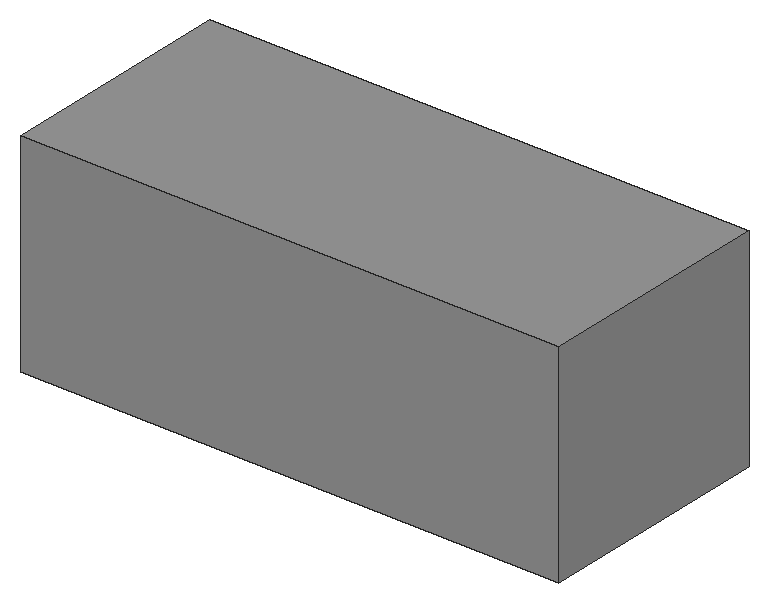
Revit family "MELINA_18W_E27_BLANC", category Lighting Fixtures, host Wall, Revit 2021
Family settings
  Host = Wall
  Round Connector Dimension = Use Diameter
  Part Type = Normal
  OmniClass Number = 23.80.70.00
  OmniClass Title = Lighting
  Always vertical = Yes
  Cut with Voids When Loaded = No
  Light Source = Yes
  Shared = No
  Room Calculation Point = No
Parameters (values of type "Type 1")
  Wattage = 9.2903 W
  built-in parameter 1150110 = 1 (stored number, unit not read)
  Type de lampe = "LED"
  Type de douille = "E27"
  Type = "Applique murale"
  built-in parameter 1114217 = 1 (stored number, unit not read)
  built-in parameter 1150109 = 1 (stored number, unit not read)
  built-in parameter 1150134 = (empty or 0)
  built-in parameter 1150113 = 1 (stored number, unit not read)
  Puissance nominale = "Max 18W"
  Matériau = "ABS"
  Lumens = 1380 lm
  built-in parameter 1150115 = 1 (stored number, unit not read)
  built-in parameter 1150105 = 439.27 (stored number, unit not read)
  Light Source Symbol Size = 609.6 mm
  built-in parameter 1150137 = (empty or 0)
  built-in parameter 1150139 = (empty or 0)
  built-in parameter 1150112 = 1 (stored number, unit not read)
  built-in parameter 1150114 = 1 (stored number, unit not read)
  built-in parameter 1150132 = 2
  built-in parameter 1150102 = (empty or 0)
  built-in parameter 1150138 = (empty or 0)
  built-in parameter 1150107 = 3000 (stored number, unit not read)
  built-in parameter 1150106 = 4.3927 (stored number, unit not read)
  Fintion = "Blanc"
  Emit from Line Length = 609.6 mm
  built-in parameter 1150104 = 13.8 (stored number, unit not read)
  Dimming Lamp Color Temperature Shift = <None>
  Dimensions = "230 x 90 x 101 mm"
  Diffuseur = "Polycarbonate"
  Default Elevation = 0 mm
  Color Filter = 16777215
  built-in parameter 1114218 = 1 (stored number, unit not read)
  built-in parameter 1150133 = 10 (stored number, unit not read)
  Alimentation Driver = "AC 220-240V"
Reference planes
  plane 1: y = 0
  plane 2 "Light Source Axis (L/R)": x = 125
  plane 3 "Light Source Axis (F/R)": y = 150
  plane 4 "Light Source Elevation": z = 1800
Forms (mm)
  Extrusion 1, solid, material "Plastic, Opaque White"
    sketch origin (0, 150, 0) x (1, 0, 0) y (0, 0, 1)
      loop
        line (240, 1845) -> (10, 1845) -> (10, 1755) -> (240, 1755) -> (240, 1845)
    from -26 to 75
  Extrusion 2, void
    sketch origin (125, 0, 0) x (0, 1, 0) y (0, 0, 1)
      loop
        line (170.922, 1794.846) -> (110.922, 1794.846) -> (110.922, 1729.846) -> (170.922, 1729.846) -> (170.922, 1794.846)
    from -108.328 to 108.243
  Extrusion 3, solid, material "Glass, White, High Luminance"
    sketch origin (0, 150, 0) x (1, 0, 0) y (0, 0, 1)
      loop
        line (233.243, 1761.52) -> (16.672, 1761.52) -> (16.672, 1755) -> (233.243, 1755) -> (233.243, 1761.52)
    from -20.922 to 39.078
Cuts and joins
  Extrusion 2 cuts Extrusion 1
Lines and regions (mm)
  reference lines
    curve 1: line (125, 150, 1800) -> (10, 150, 1800)
    curve 2: line (10, 150, 1800) -> (10, 150, 1845)
    curve 3: line (10, 150, 1845) -> (240, 150, 1845)
    curve 4: line (240, 150, 1845) -> (240, 150, 1755)
    curve 5: line (240, 150, 1755) -> (10, 150, 1755)
    curve 6: line (10, 150, 1755) -> (10, 150, 1800)
    curve 7: line (125, 75, 1755) -> (125, 176, 1755)
Text (mm)
  text "Placement side" at (-1787.139, 1116.779, 0), in view "Ref. Level"
  text "Placement side" at (0, 296.899, 2986.058), in view "Left"
  text "Placement side" at (0, 628.478, 3011.967), in view "Right"
Dimensions and locks
  Extrusion 2 to curve 5 = 39.846 mm
  aligned and locked: plane 1 to host wall
  aligned and locked: plane 2 "Light Source Axis (L/R)" to imposter light
  aligned and locked: plane 3 "Light Source Axis (F/R)" to imposter light
  aligned and locked: plane 4 "Light Source Elevation" to imposter light
